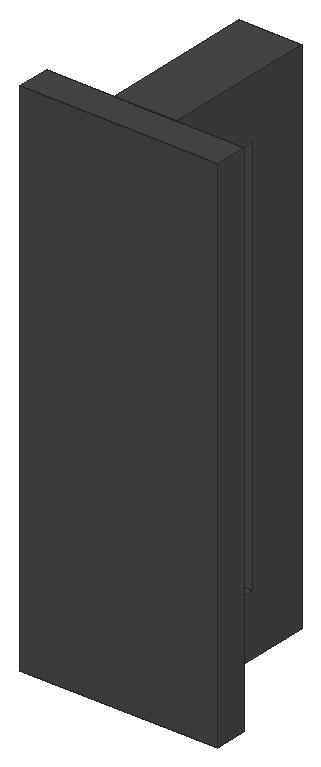
Revit family "3-773-xx - Taurus Wall Sconce", category Luminarias, Revit 2021
Family settings
  Anfitrión = Muro
  Cota de conector redondo = Diámetro de uso
  Tipo de pieza = Normal
  Número OmniClass = 23.80.70.00
  Título OmniClass = Lighting
  Siempre vertical = Sí
  Corte con vacíos al cargar = No
  Origen de luz = Sí
  Compartido = No
  Punto de cálculo de habitación = No
Parameters (values of type "3-773-15 / Black - Clear Bubble Glass")
  Ángulo de inclinación = 90.00°  # constant formula
  Elevación por defecto = 0 mm
  Comentarios de vataje = "1 x 8.0 W at 120 V"  # constant formula
  Wattage = 8.19 W
  built-in parameter 1150110 = 1 (stored number, unit not read)
  Voltage Input = "120 V or 277 V - 50/60 Hz"  # constant formula
  Voltage = 120 V
  URL = "www.oxygenlighting.com"
  built-in parameter 1114217 = 1 (stored number, unit not read)
  built-in parameter 1150109 = 1 (stored number, unit not read)
  built-in parameter 1150134 = (empty or 0)
  built-in parameter 1150113 = 1 (stored number, unit not read)
  References = "Ref. 3 = 120 V / Ref. 37 = 277 V"  # constant formula
  Modelo = "3-773-xx / Taurus Wall Sconce"  # constant formula
  Metal Finish = 15 - Black
  Fabricante = "Oxygen Lighting and Fans"  # constant formula
  Lumens = 122.85 lm
  built-in parameter 1150115 = 1 (stored number, unit not read)
  built-in parameter 1150105 = 9.7761 (stored number, unit not read)
  built-in parameter 1150137 = (empty or 0)
  built-in parameter 1150139 = (empty or 0)
  built-in parameter 1150112 = 1 (stored number, unit not read)
  built-in parameter 1150114 = 1 (stored number, unit not read)
  Lámpara = "LED Array"  # constant formula
  built-in parameter 1150132 = (empty or 0)
  built-in parameter 1150102 = (empty or 0)
  built-in parameter 1150138 = (empty or 0)
  built-in parameter 1150107 = 3000 (stored number, unit not read)
  built-in parameter 1150106 = 0.097761 (stored number, unit not read)
  built-in parameter 1150104 = 1.3935 (stored number, unit not read)
  Dimming Lamp Color Temperature Shift = (empty or 0)
  Diffuser = Clear Bubble Glass
  Color Filter = 16777215
  built-in parameter 1114218 = 1 (stored number, unit not read)
  Archivo de red fotométrica = "3-773-15 Taurus 12 Sconce.ies"
  built-in parameter 1150133 = 10 (stored number, unit not read)
Reference planes
  plane 1: y = 0
  plane 2 "Light Source Axis (L/R)": x = 125
  plane 3 "Light Source Axis (F/R)": y = 150
  plane 4 "Light Source Elevation": z = 1280
  plane 5: y = 75
Text (mm)
  text "Placement side" at (-1787.139, 1116.779, 0), in view "Ref. Level"
  text "Placement side" at (0, 2110.396, 2986.058), in view "Left"
  text "Placement side" at (0, 628.478, 3011.967), in view "Right"
Dimensions and locks
  locked: plane 4 "Light Source Elevation" to nested 1 at 159
  aligned and locked: plane 1 to host wall
  aligned and locked: plane 2 "Light Source Axis (L/R)" to imposter light
  aligned and locked: plane 5 to host wall
  aligned and locked: nested 1 to plane 5
  aligned and locked: plane 2 "Light Source Axis (L/R)" to nested 1
  aligned and locked: plane 3 "Light Source Axis (F/R)" to imposter light
  aligned and locked: plane 4 "Light Source Elevation" to imposter light
Nested families
  nested 1: "Family2" at (125, 75, 1280), type "Family2"
Connectors
  electrical at (125, 75, 1280), driven by "Voltage"
    settings: on nested 1, index 1, voltage 120 V, apparent load 0 VA, apparent load phase1 0 VA, apparent load phase2 0 VA, apparent load phase3 0 VA, power factor 1, load classification "Other", number of poles 1, system type 31, power factor state 1, is connector primary yes, connector utility no, sub classification motor no, connector description ""
Definition of nested family "Family2"
  Parameters (values of type "Family2")
    Metal Finish = none
    Default Elevation = 0 mm
    Diffuser = none
  Reference planes
    plane 1 "Center (Front/Back)": y = 0
    plane 2: z = 0
    plane 3 "Center (Left/Right)": x = 0
  Forms (mm)
    Extrusion 1, solid, material <- "Metal Finish"
      sketch origin (0, 0, 0) x (0, 1, 0) y (0, 0, 1)
        loop
          line (0, 159) -> (0, -159) -> (20, -159) -> (20, 159) -> (0, 159)
      from -60 to 60
    Extrusion 2, solid, material <- "Metal Finish"
      sketch origin (0, 0, 0) x (0, 1, 0) y (0, 0, 1)
        loop
          line (20, 159) -> (20, 122) -> (78, 122) -> (78, -122) -> (20, -122) -> (20, -159) -> (115, -159) -> (115, 159) -> (20, 159)
      from -19 to 19
    Extrusion 3, solid, material <- "Diffuser"
      sketch origin (0, 0, 0) x (1, 0, 0) y (0, 0, 1)
        loop
          arc (12.535, 138) -> (11.95, 139.414) -> (10.535, 140) r 2
          line (10.535, 140) -> (-10.465, 140)
          arc (-10.465, 140) -> (-11.879, 139.414) -> (-12.465, 138) r 2
          line (-12.465, 138) -> (-12.465, -138)
          arc (-12.465, -138) -> (-11.879, -139.414) -> (-10.465, -140) r 2
          line (-10.465, -140) -> (10.535, -140)
          arc (10.535, -140) -> (11.95, -139.414) -> (12.535, -138) r 2
          line (12.535, -138) -> (12.535, 138)
      from -120 to -20
    Extrusion 4, void
      sketch origin (0, 0, 0) x (1, 0, 0) y (0, 0, 1)
        loop
          line (12.535, -138) -> (12.535, 138)
          arc (12.535, 138) -> (11.95, 139.414) -> (10.535, 140) r 2
          line (10.535, 140) -> (-10.465, 140)
          arc (-10.465, 140) -> (-11.879, 139.414) -> (-12.465, 138) r 2
          line (-12.465, 138) -> (-12.465, -138)
          arc (-12.465, -138) -> (-11.879, -139.414) -> (-10.465, -140) r 2
          line (-10.465, -140) -> (10.535, -140)
          arc (10.535, -140) -> (11.95, -139.414) -> (12.535, -138) r 2
      from -115 to -4.929
  Cuts and joins
    Extrusion 4 cuts Extrusion 1
    Extrusion 4 cuts Extrusion 2
  Dimensions and locks
    aligned and locked: level to plane 2
